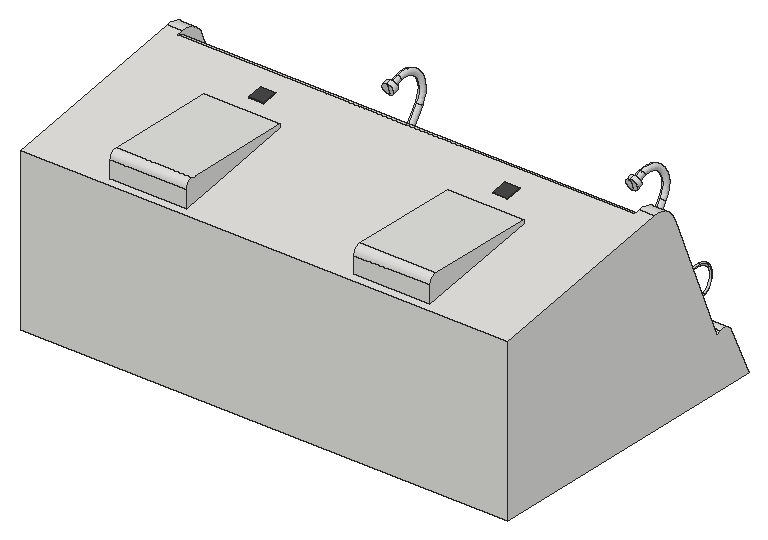
Revit family "Plumbing-Sink-Sloan-Valve-ESS-3200", category Plumbing Fixtures, host Face, Revit 2019
Family settings
  Host = Face
  Round Connector Dimension = Use Diameter
  Part Type = Normal
  OmniClass Number = 23.45.05.14.14
  OmniClass Title = Sinks/Lavatories
  Cut with Voids When Loaded = No
  Shared = No
  Room Calculation Point = No
Parameters (values of type "ESS-3200")
  z_Mixer = no
  z_C = no
  Width = 64.00"  # constant formula
  Water Flow = 2.2 GPM
  Waste Connection = yes
  WFU = 3
  Voltage = 110 V
  Vent Connection = no
  Valve Pressure Drop = 0.0 Pa
  URL = "www.sloanvalve.com"
  Sanitary Drain Connection Diameter = 1.50"
  Product data url = "https://bimobject.com/sloan_valve/product/sinks_stainless-steel_ess-3200"
  Product Material = Sloan Valve - Finish - Stainless Steel
  Product Guid = ""
  Power Factor = 0.8
  Part Number = ""
  Number of Poles = 3
  Model = "ESS-3200"
  Manufacturer = "Sloan Valve"  # constant formula
  Keynote = "10000"
  Hot Water Connection Diameter = 0.50"
  Height = 39.50"  # constant formula
  HWFU = 3
  HW Connection = yes
  z_Elevation [instance] = 25.00"  # constant formula
  Frequency = 60 Hz
  Edition number = 1
  Description = "Stainless Steel 2-Station Wall-Mounted Deluxe Scrub Sink."
  Depth = 25.31"  # constant formula
  Default Elevation = 0.00"  # constant formula
  Current = 15 A
  Cold Water Connection Diameter = 0.50"
  CWFU = 3
  CW Connection = yes
  Assembly Code = "D2010400"
  Apparent Load = (Voltage * Current) / (Power Factor * Number of Poles)  # 687.5 VA
  ADA Compliant = 1 = 1  # yes
Reference planes (in)
  plane 1 "Center (Front/Back)": y = 0
  plane 2: z = 0
  plane 3 "Center (Left/Right)": x = 0
  plane 4: x = -31
  plane 5: x = 33
  plane 6: z = 25.31
  plane 7: y = -31.25
  plane 8: y = -56.25
  plane 9: z = 5.26918
  plane 10: y = -15.24713
Forms (in)
  Extrusion 1, solid, not visible
    sketch origin (0, 1, 0) x (1, 0, 0) y (0, 1, 0)
      loop
        circle (0, -32.25) r 0.75
      loop
        circle (-6, -32.25) r 0.25
      loop
        circle (-9, -32.25) r 0.25
      loop
        line (-24.25, -30.25) -> (-24.25, -34.25) -> (-21.75, -34.25) -> (-21.75, -30.25) -> (-24.25, -30.25)
      loop
        circle (11, -32.25) r 0.25
      loop
        circle (8, -32.25) r 0.25
      loop
        line (23.75, -34.25) -> (26.25, -34.25) -> (26.25, -30.25) -> (23.75, -30.25) -> (23.75, -34.25)
    from 0 to 0.50971
Dimensions and locks (in)
  "Depth": plane 6 to plane 2
  locked: plane 7 to plane 1 "Center (Front/Back)" at 31.25
  "z_Elevation": plane 7 to plane 8
  aligned and locked: plane 2 to host face
  aligned and locked: level to host face
  aligned and locked: plane 3 "Center (Left/Right)" to nested 1
Automatic sketch dimensions
  host sketch curve to host sketch curve = 131.57161"
  host sketch curve to host sketch curve = 80.21187"
  Extrusion 1 sketch curve to Extrusion 1 sketch curve = 35.25"
  Extrusion 1 sketch curve to Extrusion 1 sketch curve = 9.00"
  Extrusion 1 sketch curve to Extrusion 1 sketch curve = 4.00"  (x2)
  Extrusion 1 sketch curve to Extrusion 1 sketch curve = 6.00"
  Extrusion 1 sketch curve to Extrusion 1 sketch curve = 2.50"  (x2)
  Extrusion 1 sketch curve to Extrusion 1 sketch curve = 45.50"
  plane 3 "Center (Left/Right)" to Extrusion 1 sketch curve = 26.25"
  plane 3 "Center (Left/Right)" to Extrusion 1 sketch curve = 8.00"
  Extrusion 1 sketch curve to Extrusion 1 sketch curve = 3.00"
  plane 1 "Center (Front/Back)" to Extrusion 1 sketch curve = 33.25"  (x2)
  Extrusion 1 sketch curve to Extrusion 1 sketch curve = 2.00"  (x2)
  Extrusion 1 sketch curve to Extrusion 1 sketch curve = 0.00"  (x3)
  radius of Extrusion 1 sketch curve = 0.75"
  radius of Extrusion 1 sketch curve = 0.25"  (x4)
Nested families (in)
  nested 1: "Geometry" at (0, -15.25, 0), type "Geometry"
Connectors (in)
  piping at (0, -31.25, 0), diameter 1.5, driven by "WFU", driven by "Sanitary Drain Connection Diameter"
    settings: on Extrusion 1, index 2, connector inside diameter 24.00", connector length 0.00", flow factor 0, pipe flow 0.0 GPM, pressure drop 0.0 Pa, fitting loss kfactor 0, connector angle 0.00°, fixture units 3, engagement length 0.00", angle of deflection 0.00°, flow configuration 3, flow direction 2, fitting loss method 0, system type 16, joint type 0, gender type 0, connector reference index -1, connector utility 0, adjustable connector no, is connector primary yes, connector description "Sanitary Drain Connection"
  piping at (-6, -31.25, 0), diameter 0.5, driven by "Cold Water Connection Diameter", driven by "Water Flow"
    settings: on Extrusion 1, index 3, connector inside diameter 24.00", connector length 0.00", flow factor 0, pipe flow 2.2 GPM, pressure drop 0.0 Pa, fitting loss kfactor 0, connector angle 0.00°, fixture units 1.5, engagement length 0.00", angle of deflection 0.00°, flow configuration 1, flow direction 1, fitting loss method 0, system type 20, joint type 0, gender type 0, connector reference index -1, connector utility 0, adjustable connector no, is connector primary no, connector description "Cold Water Connection 1"
  piping at (-9, -31.25, 0), diameter 0.5, driven by "Hot Water Connection Diameter", driven by "Water Flow"
    settings: on Extrusion 1, index 4, connector inside diameter 24.00", connector length 0.00", flow factor 0, pipe flow 2.2 GPM, pressure drop 0.0 Pa, fitting loss kfactor 0, connector angle 0.00°, fixture units 1.5, engagement length 0.00", angle of deflection 0.00°, flow configuration 1, flow direction 1, fitting loss method 0, system type 19, joint type 0, gender type 0, connector reference index -1, connector utility 0, adjustable connector no, is connector primary no, connector description "Hot Water Connection 1"
  electrical at (-23, -31.25, 0), driven by "Number of Poles", driven by "Voltage", driven by "Apparent Load", driven by "Apparent Load", driven by "Apparent Load", driven by "Power Factor"
    settings: on Extrusion 1, index 6, voltage 110 V, apparent load 0 VA, apparent load phase1 687.5 VA, apparent load phase2 687.5 VA, apparent load phase3 687.5 VA, power factor 0.8, load classification "Other", number of poles 3, system type 31, power factor state 1, is connector primary yes, connector utility no, sub classification motor no, connector description "Power Connection 1"
  piping at (8, -31.25, 0), diameter 0.5, driven by "Hot Water Connection Diameter", driven by "Water Flow"
    settings: on Extrusion 1, index 7, connector inside diameter 24.00", connector length 0.00", flow factor 0, pipe flow 2.2 GPM, pressure drop 0.0 Pa, fitting loss kfactor 0, connector angle 0.00°, fixture units 1.5, engagement length 0.00", angle of deflection 0.00°, flow configuration 1, flow direction 1, fitting loss method 0, system type 19, joint type 0, gender type 0, connector reference index -1, connector utility 0, adjustable connector no, is connector primary no, connector description "Hot Water Connection 2"
  piping at (11, -31.25, 0), diameter 0.5, driven by "Cold Water Connection Diameter", driven by "Water Flow"
    settings: on Extrusion 1, index 8, connector inside diameter 24.00", connector length 0.00", flow factor 0, pipe flow 2.2 GPM, pressure drop 0.0 Pa, fitting loss kfactor 0, connector angle 0.00°, fixture units 1.5, engagement length 0.00", angle of deflection 0.00°, flow configuration 1, flow direction 1, fitting loss method 0, system type 20, joint type 0, gender type 0, connector reference index -1, connector utility 0, adjustable connector no, is connector primary no, connector description "Cold Water Connection 2"
  electrical at (25, -31.25, 0), driven by "Number of Poles", driven by "Voltage", driven by "Apparent Load", driven by "Apparent Load", driven by "Apparent Load", driven by "Power Factor"
    settings: on Extrusion 1, index 9, voltage 110 V, apparent load 0 VA, apparent load phase1 687.5 VA, apparent load phase2 687.5 VA, apparent load phase3 687.5 VA, power factor 0.8, load classification "Other", number of poles 3, system type 31, power factor state 1, is connector primary no, connector utility no, sub classification motor no, connector description "Power Connection 2"
Definition of nested family "Geometry"
  Parameters (values of type "Geometry")
    z_NotM = not(Mixer)  # yes
    z_C = no
    URL = ""
    Symbolic Lines 2 = not(z_C)  # yes
    Symbolic Lines = z_C  # no
    Radius = if(z_C, 7.00" / 16, 3.00" / 4)  # 0.75"
    Product Material = none
    Plastic Material = none
    Model = ""
    Mixer = no
    Manufacturer = ""
    Faucet Material = none
    Description = ""
    Default Elevation = 41.00"
    Assembly Code = ""
  Reference planes (in)
    plane 1 "Center (Front/Back)": y = 0
    plane 2: z = 0
    plane 3 "Center (Left/Right)": x = 0
    plane 4: y = -41
    plane 5: y = -24.25
    plane 6: y = 15.25
    plane 7: y = -16
    plane 8: x = 16
    plane 9: y = -4.5
    plane 10: y = -22.25
    plane 11: x = 15
    plane 12: x = 14
    plane 13: x = -31
    plane 14: x = 33
    plane 15: x = -7
    plane 16: x = -10
    plane 17: x = 27
    plane 18: x = 17
    plane 19: x = -25
    plane 20: x = -15
    plane 21: through (-15, 16.76501, 16.38512) normal (0, 0.3256, -0.9455)
    plane 22: through (-15, 17.00923, 15.676) normal (0, 0.3256, -0.9455)
    plane 23: y = 16.11763
    plane 24: through (17, 16.76501, 16.38512) normal (0, 0.3256, -0.9455)
    plane 25: through (17, 17.00923, 15.676) normal (0, 0.3256, -0.9455)
    plane 26: y = 16.11763
    plane 27: z = 8.6466
    plane 28: z = 25.3125
    plane 29: z = 5.26918
    plane 30: y = -11.07068
    plane 31: x = 1
  Forms (in)
    Extrusion 1, solid
      sketch origin (0, 0, 0) x (1, 0, 0) y (0, 1, 0)
        loop
          line (-48, 48) -> (-48, -48) -> (48, -48) -> (48, 48) -> (-48, 48)
      from 0 to -12
    Extrusion 2, solid, material <- "Product Material"
      sketch origin (-31, 0, 0) x (0, 1, 0) y (0, 0, 1)
        loop
          line (-24.25, 0) -> (15.25, 0) -> (12.42821, 6.33785)
          arc (12.42821, 6.33785) -> (11.73423, 6.99641) -> (10.77785, 6.97136) r 1.25
          line (10.77785, 6.97136) -> (10.02445, 6.63593) -> (3.11923, 23.35629)
          arc (3.11923, 23.35629) -> (1.88621, 24.90802) -> (-0.0625, 25.26953) r 2.82843
          line (-0.0625, 25.26953) -> (-24.25, 21.00462) -> (-24.25, 0)
      from 0 to 32
    Extrusion 3, void
      sketch origin (-29.5, 0, 0) x (0, 1, 0) y (0, 0, 1)
        loop
          line (10.02145, 6.64319) -> (3.11923, 23.35629)
          arc (3.11923, 23.35629) -> (1.88621, 24.90802) -> (-0.0625, 25.26953) r 2.82843
          line (-0.0625, 25.26953) -> (-0.93586, 25.11553)
          arc (-0.93586, 25.11553) -> (-0.03625, 24.46827) -> (-0.42579, 23.43072) r 0.91189
          line (-0.42579, 23.43072) -> (-8.32843, 18.75694) -> (-11.8164, 10.5398) -> (-11.8164, 5.0202)
          arc (-11.8164, 5.0202) -> (-11.56939, 4.42386) -> (-10.97305, 4.17685) r 0.84335
          line (-10.97305, 4.17685) -> (4.04941, 4.17685) -> (10.02145, 6.64319)
      from 0.5 to 60.5
    Extrusion 4, solid, material <- "Product Material"
      sketch origin (-15.32716, 0, 0) x (0, 1, 0) y (0, 0, 1)
        loop
          line (-7.90497, 24.38403) -> (-22.2363, 24.38403)
          arc (-22.2363, 24.38403) -> (-22.94341, 24.09114) -> (-23.2363, 23.38403) r 1
          line (-23.2363, 23.38403) -> (-23.2363, 20.78863) -> (-7.78139, 23.50473) -> (-7.90497, 24.38403)
      from -4.67284 to 5.32716
    Extrusion 5, solid, material <- "Plastic Material"
      sketch origin (-15, -0.05317, 25.27757) x (1, 0, 0) y (0, 0.984808, 0.173648)
        loop
          line (-1, -3.5) -> (-1, -5.5) -> (1, -5.5) -> (1, -3.5) -> (-1, -3.5)
      from 0 to 0.0625
    Extrusion 6, solid, material <- "Product Material"
      sketch origin (1, 0, 0) x (0, 1, 0) y (0, 0, 1)
        loop
          line (-24.25, 0) -> (15.25, 0) -> (12.42821, 6.33785)
          arc (12.42821, 6.33785) -> (11.73423, 6.99641) -> (10.77785, 6.97136) r 1.25
          line (10.77785, 6.97136) -> (10.02445, 6.63593) -> (3.11923, 23.35629)
          arc (3.11923, 23.35629) -> (1.88621, 24.90802) -> (-0.0625, 25.26953) r 2.82843
          line (-0.0625, 25.26953) -> (-24.25, 21.00462) -> (-24.25, 0)
      from 0 to 32
    Extrusion 7, void
      sketch origin (2.5, 0, -0.75) x (0, 1, 0) y (0, 0, 1)
        loop
          line (-10.97305, 4.92685) -> (4.04941, 4.92685) -> (10.02145, 7.39319) -> (3.11923, 24.10629)
          arc (3.11923, 24.10629) -> (1.88621, 25.65802) -> (-0.0625, 26.01953) r 2.82843
          line (-0.0625, 26.01953) -> (-0.93586, 25.86553)
          arc (-0.93586, 25.86553) -> (-0.03625, 25.21827) -> (-0.42579, 24.18072) r 0.91189
          line (-0.42579, 24.18072) -> (-8.32843, 19.50694) -> (-11.8164, 11.2898) -> (-11.8164, 5.7702)
          arc (-11.8164, 5.7702) -> (-11.56939, 5.17386) -> (-10.97305, 4.92685) r 0.84335
      from -3.5 to 28.5
    Extrusion 8, solid, material <- "Product Material"
      sketch origin (16.67284, 0, 0) x (0, 1, 0) y (0, 0, 1)
        loop
          line (-7.90497, 24.38403) -> (-22.2363, 24.38403)
          arc (-22.2363, 24.38403) -> (-22.94341, 24.09114) -> (-23.2363, 23.38403) r 1
          line (-23.2363, 23.38403) -> (-23.2363, 20.78863) -> (-7.78139, 23.50473) -> (-7.90497, 24.38403)
      from -4.67284 to 5.32716
    Extrusion 9, solid, material <- "Plastic Material"
      sketch origin (17, -0.05317, 25.27757) x (1, 0, 0) y (0, 0.984808, 0.173648)
        loop
          line (-1, -3.5) -> (-1, -5.5) -> (1, -5.5) -> (1, -3.5) -> (-1, -3.5)
      from 0 to 0.0625
    Extrusion 10, solid, material <- "Product Material"
      sketch origin (0, 0, 0) x (1, 0, 0) y (0, 1, 0)
        loop
          circle (0, -16) r 0.75
        loop
          circle (-6, -16) r 0.25
        loop
          circle (-9, -16) r 0.25
        loop
          circle (8, -16) r 0.25
        loop
          circle (11, -16) r 0.25
        loop
          line (-24.25, -14) -> (-24.25, -18) -> (-21.75, -18) -> (-21.75, -14) -> (-24.25, -14)
        loop
          line (26.25, -14) -> (23.75, -14) -> (23.75, -18) -> (26.25, -18) -> (26.25, -14)
      from 0 to 0.0625
    Sweep 11, solid, material <- "Faucet Material"
      path origin (17, 13.7656, 3.33402) x (0, 0.913545, 0.406737) y (0, 0.406737, -0.913545)
        loop
          line (0, -2) -> (4.2271, -2)
          arc (4.2271, -2) -> (5.30648, -2.1517) -> (6.30224, -2.59504) r 3.91597
          line (6.30224, -2.59504) -> (10.41671, -5.16605)
          arc (10.41671, -5.16605) -> (11.72574, -8.36585) -> (9.10659, -10.62246) r 2.95861
          line (9.10659, -10.62246) -> (8.04952, -10.71488)
      profile origin (17, 14.88295, 6.02077) x (0, 0.406737, -0.913545) y (-1, 0, 0)
        loop
          circle (0, 0) r 0.375
    Revolve 12, solid, material <- "Faucet Material"
      sketch origin (17, 13.7656, 3.33402) x (0, 0.913545, 0.406737) y (0, 0.406737, -0.913545)
        loop
          line (0, -2) -> (1.5, -2) -> (1.5, -1.5) -> (1.46812, -1.46812) -> (0.71812, -1.46812) -> (0.25, -0.75) -> (0, -0.75) -> (0, -2)
        axis (1.5, -2) -> (0, -2)
      angle from 0 to 360
    Sweep 13, solid, material <- "Faucet Material"
      path origin (11, 0.1652, -0.34987) x (0, 0.999848, 0.017452) y (0, -0.017452, 0.999848)
        loop
          line (12.62902, 11.03979) -> (14.59777, 11.03979)
          arc (14.59777, 11.03979) -> (16.55762, 9.43852) -> (15.37924, 7.19878) r 2
          line (15.37924, 7.19878) -> (12.80505, 6.1061)
      profile origin (11, 13.58386, 10.92582) x (0, -0.017452, 0.999848) y (1, 0, 0)
        loop
          circle (0, 16) r 0.125
    Revolve 14, solid, material <- "Faucet Material"
      sketch origin (27, 0.05669, -0.12732) x (0, 1, 0) y (0, 0, 1)
        loop
          line (12.57489, 6.0084) -> (12.77826, 5.55163) -> (13.00664, 5.65331) -> (12.80327, 6.11009) -> (12.57489, 6.0084)
        axis (12.80327, 6.11009) -> (12.57489, 6.0084)
      angle from 0 to 360
    Sweep 15, solid, material <- "Faucet Material"
      path origin (-15, 13.7656, 3.33402) x (0, 0.913545, 0.406737) y (0, -0.406737, 0.913545)
        loop
          line (0, 2) -> (4.2271, 2)
          arc (4.2271, 2) -> (5.30648, 2.1517) -> (6.30224, 2.59504) r 3.91597
          line (6.30224, 2.59504) -> (10.41671, 5.16605)
          arc (10.41671, 5.16605) -> (11.72574, 8.36585) -> (9.10659, 10.62246) r 2.95861
          line (9.10659, 10.62246) -> (8.04952, 10.71488)
      profile origin (-15, 14.88295, 6.02077) x (0, -0.406737, 0.913545) y (1, 0, 0)
        loop
          circle (0, 0) r 0.375
    Revolve 16, solid, material <- "Faucet Material"
      sketch origin (-15, 13.7656, 3.33402) x (0, 0.913545, 0.406737) y (0, -0.406737, 0.913545)
        loop
          line (0, 2) -> (0, 0.75) -> (0.25, 0.75) -> (0.71812, 1.46812) -> (1.46812, 1.46812) -> (1.5, 1.5) -> (1.5, 2) -> (0, 2)
        axis (1.5, 2) -> (0, 2)
      angle from 0 to 360
    Revolve 17, solid, material <- "Faucet Material"
      sketch origin (-14.99932, 11.83217, 5.62815) x (0, 0.913545, 0.406737) y (0, -0.406737, 0.913545)
        loop
          line (8.81631, 7.07347) -> (8.88163, 7.82062) -> (8.19954, 7.88026) -> (8.13421, 7.13311) -> (8.81631, 7.07347)
        axis (8.88163, 7.82062) -> (8.19954, 7.88026)
      angle from 0 to 360
    Sweep 18, solid, material <- "Faucet Material"
      path origin (-41, 0.1652, -0.34987) x (0, 0.999848, 0.017452) y (0, -0.017452, 0.999848)
        loop
          line (12.62902, 11.03979) -> (14.59777, 11.03979)
          arc (14.59777, 11.03979) -> (16.55762, 9.43852) -> (15.37924, 7.19878) r 2
          line (15.37924, 7.19878) -> (12.80505, 6.1061)
      profile origin (-41, 13.58386, 10.92582) x (0, -0.017452, 0.999848) y (1, 0, 0)
        loop
          circle (0, 16) r 0.125
    Revolve 19, solid, material <- "Faucet Material"
      sketch origin (-25, 0.05669, -0.12732) x (0, 1, 0) y (0, 0, 1)
        loop
          line (12.57489, 6.0084) -> (12.77826, 5.55163) -> (13.00664, 5.65331) -> (12.80327, 6.11009) -> (12.57489, 6.0084)
        axis (12.80327, 6.11009) -> (12.57489, 6.0084)
      angle from 0 to 360
    Revolve 20, solid, material <- "Faucet Material"
      sketch origin (17.00068, 11.83217, 5.62815) x (0, 0.913545, 0.406737) y (0, -0.406737, 0.913545)
        loop
          line (8.81631, 7.07347) -> (8.88163, 7.82062) -> (8.19954, 7.88026) -> (8.13421, 7.13311) -> (8.81631, 7.07347)
        axis (8.88163, 7.82062) -> (8.19954, 7.88026)
      angle from 0 to 360
    Revolve 21, solid, material <- "Product Material"
      sketch origin (0, -11.82068, 8.6466) x (1, 0, 0) y (0, 1, 0)
        loop
          line (0, 0.6875) -> (0.21984, 0.6875) -> (0.64944, 0) -> (0.75, 0) -> (0.75, 0.03911) -> (0.6987, 0.03911) -> (0.25449, 0.75) -> (0, 0.75) -> (0, 0.6875)
        axis (0, 0.75) -> (0, 0)
      angle from 0 to 360
    Extrusion 22, void
      sketch origin (0, -11.82068, 8.6466) x (1, 0, 0) y (0, 0, -1)
        loop
          arc (-0.15734, 0) -> (-0.156, -0.02054) -> (-0.15198, -0.04072) r 0.15734
          line (-0.15198, -0.04072) -> (-0.06143, -0.01646)
          arc (-0.06143, -0.01646) -> (-0.06359, 0) -> (-0.06143, 0.01646) r 0.06359
          line (-0.06143, 0.01646) -> (-0.15198, 0.04072)
          arc (-0.15198, 0.04072) -> (-0.156, 0.02054) -> (-0.15734, 0) r 0.15734
        loop
          arc (0.15734, 0) -> (0.156, 0.02054) -> (0.15198, 0.04072) r 0.15734
          line (0.15198, 0.04072) -> (0.06143, 0.01646)
          arc (0.06143, 0.01646) -> (0.06359, 0) -> (0.06143, -0.01646) r 0.06359
          line (0.06143, -0.01646) -> (0.15198, -0.04072)
          arc (0.15198, -0.04072) -> (0.156, -0.02054) -> (0.15734, 0) r 0.15734
        loop
          arc (-0.01646, 0.06143) -> (0, 0.06359) -> (0.01646, 0.06143) r 0.06359
          line (0.01646, 0.06143) -> (0.04072, 0.15198)
          arc (0.04072, 0.15198) -> (0, 0.15734) -> (-0.04072, 0.15198) r 0.15734
          line (-0.04072, 0.15198) -> (-0.01646, 0.06143)
        loop
          line (-0.01646, -0.06143) -> (-0.04072, -0.15198)
          arc (-0.04072, -0.15198) -> (0, -0.15734) -> (0.04072, -0.15198) r 0.15734
          line (0.04072, -0.15198) -> (0.01646, -0.06143)
          arc (0.01646, -0.06143) -> (0, -0.06359) -> (-0.01646, -0.06143) r 0.06359
        loop
          circle (0, 0) r 0.03234
      from 0.6875 to 0.75
    Extrusion 23, void
      sketch origin (0, -11.82068, 8.6466) x (1, 0, 0) y (0, 0, -1)
        loop
          arc (-0.04419, 0.25062) -> (0, 0.25449) -> (0.04419, 0.25062) r 0.25449
          line (0.04419, 0.25062) -> (0.11277, 0.63957)
          arc (0.11277, 0.63957) -> (0, 0.64944) -> (-0.11277, 0.63957) r 0.64944
          line (-0.11277, 0.63957) -> (-0.04419, 0.25062)
        loop
          arc (0.14597, 0.20846) -> (0.17995, 0.17995) -> (0.20846, 0.14597) r 0.25449
          line (0.20846, 0.14597) -> (0.53199, 0.3725)
          arc (0.53199, 0.3725) -> (0.45922, 0.45922) -> (0.3725, 0.53199) r 0.64944
          line (0.3725, 0.53199) -> (0.14597, 0.20846)
        loop
          line (-0.25062, 0.04419) -> (-0.63957, 0.11277)
          arc (-0.63957, 0.11277) -> (-0.64944, 0) -> (-0.63957, -0.11277) r 0.64944
          line (-0.63957, -0.11277) -> (-0.25062, -0.04419)
          arc (-0.25062, -0.04419) -> (-0.25449, 0) -> (-0.25062, 0.04419) r 0.25449
        loop
          arc (0.25062, 0.04419) -> (0.25449, 0) -> (0.25062, -0.04419) r 0.25449
          line (0.25062, -0.04419) -> (0.63957, -0.11277)
          arc (0.63957, -0.11277) -> (0.64944, 0) -> (0.63957, 0.11277) r 0.64944
          line (0.63957, 0.11277) -> (0.25062, 0.04419)
        loop
          line (-0.14597, 0.20846) -> (-0.3725, 0.53199)
          arc (-0.3725, 0.53199) -> (-0.45922, 0.45922) -> (-0.53199, 0.3725) r 0.64944
          line (-0.53199, 0.3725) -> (-0.20846, 0.14597)
          arc (-0.20846, 0.14597) -> (-0.17995, 0.17995) -> (-0.14597, 0.20846) r 0.25449
        loop
          line (-0.04419, -0.25062) -> (-0.11277, -0.63957)
          arc (-0.11277, -0.63957) -> (0, -0.64944) -> (0.11277, -0.63957) r 0.64944
          line (0.11277, -0.63957) -> (0.04419, -0.25062)
          arc (0.04419, -0.25062) -> (0, -0.25449) -> (-0.04419, -0.25062) r 0.25449
        loop
          line (0.14597, -0.20846) -> (0.3725, -0.53199)
          arc (0.3725, -0.53199) -> (0.45922, -0.45922) -> (0.53199, -0.3725) r 0.64944
          line (0.53199, -0.3725) -> (0.20846, -0.14597)
          arc (0.20846, -0.14597) -> (0.17995, -0.17995) -> (0.14597, -0.20846) r 0.25449
        loop
          arc (-0.14597, -0.20846) -> (-0.17995, -0.17995) -> (-0.20846, -0.14597) r 0.25449
          line (-0.20846, -0.14597) -> (-0.53199, -0.3725)
          arc (-0.53199, -0.3725) -> (-0.45922, -0.45922) -> (-0.3725, -0.53199) r 0.64944
          line (-0.3725, -0.53199) -> (-0.14597, -0.20846)
      from 0 to 0.6875
  Cuts and joins
    Extrusion 7 cuts Extrusion 5
    Extrusion 3, Extrusion 7 cuts Extrusion 2
    Extrusion 7 cuts Extrusion 4
    Extrusion 7 cuts Extrusion 6
    Extrusion 7 cuts Extrusion 8
    joined: Extrusion 2, Extrusion 4, Extrusion 6, Extrusion 8
    Extrusion 7 cuts Extrusion 9
    Extrusion 22, Extrusion 23 cuts Revolve 21
  Lines and regions (in)
    Masking region 1
      outline origin (0, 0, 0) x (1, 0, 0) y (0, 0, 1)
        loop
          line (33, 0) -> (33, 25.3125) -> (31, 25.3125) -> (31, 25.11593) -> (-29, 25.11593) -> (-29, 25.3125) -> (-31, 25.3125) -> (-31, 0) -> (33, 0)
    symbolic lines, detail levels medium+fine
      curve 1: line (31, 0, 25.11593) -> (31, 0, 6.7534)
      curve 2: line (31, 0, 6.7534) -> (27.125, 0, 6.7534)
      curve 3: line (-29, 0, 6.7534) -> (-29, 0, 25.11553)
      curve 4: line (31, 0, 23.43072) -> (-29, 0, 23.43072)
      curve 7: arc (16.625, 0, 6.46161) -> (17, 0, 4.01918) -> (17.375, 0, 6.46161) r 1.25
      curve 8: line (17.375, 0, 5.70666) -> (17.375, 0, 16.89471)
      curve 9: arc (17.375, 0, 5.70666) -> (16.97388, 0, 5.3955) -> (16.63025, 0, 5.76918) r 0.375
      curve 10: line (16.625, 0, 16.89471) -> (16.625, 0, 5.76918)
      curve 13: arc (17.375, 0, 16.89471) -> (17, 0, 17.26971) -> (16.625, 0, 16.89471) r 0.375
      curve 14: spline (26.875, 0, 6.42503) -> (26.66502, 0, 6.32187) -> (26.5312, 0, 6.1416) -> (26.50399, 0, 5.92521) -> (26.58955, 0, 5.72191) -> (26.76845, 0, 5.57792) -> (27, 0, 5.52599) -> (27.23155, 0, 5.57792) -> (27.41045, 0, 5.72191) -> (27.49601, 0, 5.92521) -> (27.4688, 0, 6.1416) -> (27.33498, 0, 6.32187) -> (27.125, 0, 6.42503)
      curve 15: spline (27.125, 0, 5.97878) -> (27.12074, 0, 5.94922) -> (27.10825, 0, 5.92168) -> (27.08839, 0, 5.89803) -> (27.0625, 0, 5.87988) -> (27.03235, 0, 5.86848) -> (27, 0, 5.86458) -> (26.96765, 0, 5.86848) -> (26.9375, 0, 5.87988) -> (26.91161, 0, 5.89803) -> (26.89175, 0, 5.92168) -> (26.87926, 0, 5.94922) -> (26.875, 0, 5.97878)
      curve 16: spline (27.125, 0, 10.90864) -> (27.12074, 0, 10.94099) -> (27.10825, 0, 10.97113) -> (27.08839, 0, 10.99702) -> (27.0625, 0, 11.01688) -> (27.03235, 0, 11.02936) -> (27, 0, 11.03362) -> (26.96765, 0, 11.02936) -> (26.9375, 0, 11.01688) -> (26.91161, 0, 10.99702) -> (26.89175, 0, 10.97113) -> (26.87926, 0, 10.94099) -> (26.875, 0, 10.90864)
      curve 17: line (27.125, 0, 5.97878) -> (27.125, 0, 10.90864)
      curve 18: line (26.875, 0, 10.90864) -> (26.875, 0, 5.97878)
      curve 20: arc (-15.375, 0, 6.46161) -> (-15, 0, 4.01918) -> (-14.625, 0, 6.46161) r 1.25
      curve 21: line (-14.625, 0, 5.70666) -> (-14.625, 0, 16.89471)
      curve 22: arc (-14.625, 0, 5.70666) -> (-15.02612, 0, 5.3955) -> (-15.36975, 0, 5.76918) r 0.375
      curve 23: line (-15.375, 0, 16.89471) -> (-15.375, 0, 5.76918)
      curve 26: arc (-14.625, 0, 16.89471) -> (-15, 0, 17.26971) -> (-15.375, 0, 16.89471) r 0.375
      curve 28: spline (-25.125, 0, 6.42503) -> (-25.33498, 0, 6.32187) -> (-25.4688, 0, 6.1416) -> (-25.49601, 0, 5.92521) -> (-25.41045, 0, 5.72191) -> (-25.23155, 0, 5.57792) -> (-25, 0, 5.52599) -> (-24.76845, 0, 5.57792) -> (-24.58955, 0, 5.72191) -> (-24.50399, 0, 5.92521) -> (-24.5312, 0, 6.1416) -> (-24.66502, 0, 6.32187) -> (-24.875, 0, 6.42503)
      curve 29: spline (-24.875, 0, 5.97878) -> (-24.87926, 0, 5.94922) -> (-24.89175, 0, 5.92168) -> (-24.91161, 0, 5.89803) -> (-24.9375, 0, 5.87988) -> (-24.96765, 0, 5.86848) -> (-25, 0, 5.86458) -> (-25.03235, 0, 5.86848) -> (-25.0625, 0, 5.87988) -> (-25.08839, 0, 5.89803) -> (-25.10825, 0, 5.92168) -> (-25.12074, 0, 5.94922) -> (-25.125, 0, 5.97878)
      curve 30: spline (-24.875, 0, 10.90864) -> (-24.87926, 0, 10.94099) -> (-24.89175, 0, 10.97113) -> (-24.91161, 0, 10.99702) -> (-24.9375, 0, 11.01688) -> (-24.96765, 0, 11.02936) -> (-25, 0, 11.03362) -> (-25.03235, 0, 11.02936) -> (-25.0625, 0, 11.01688) -> (-25.08839, 0, 10.99702) -> (-25.10825, 0, 10.97113) -> (-25.12074, 0, 10.94099) -> (-25.125, 0, 10.90864)
      curve 31: line (-24.875, 0, 5.97878) -> (-24.875, 0, 10.90864)
      curve 32: line (-25.125, 0, 10.90864) -> (-25.125, 0, 5.97878)
      curve 33: line (17.375, 0, 6.7534) -> (26.875, 0, 6.7534)
      curve 35: line (-29, 0, 6.7534) -> (-25.125, 0, 6.7534)
      curve 37: line (-15.375, 0, 6.7534) -> (-24.875, 0, 6.7534)
      curve 39: line (16.625, 0, 6.7534) -> (-14.625, 0, 6.7534)
    symbolic lines, detail levels fine
      curve 5: line (31, 0, 10.5398) -> (27.125, 0, 10.5398)
      curve 6: line (31, 0, 19.01047) -> (-29, 0, 19.01047)
      curve 19: arc (17.375, 0, 6.03661) -> (17, 0, 4.95081) -> (16.625, 0, 6.03661) r 0.60765
      curve 27: arc (-14.625, 0, 6.03661) -> (-15, 0, 4.95081) -> (-15.375, 0, 6.03661) r 0.60765
      curve 34: line (17.375, 0, 10.5398) -> (26.875, 0, 10.5398)
      curve 36: line (-29, 0, 10.5398) -> (-25.125, 0, 10.5398)
      curve 38: line (-15.375, 0, 10.5398) -> (-24.875, 0, 10.5398)
      curve 40: line (16.625, 0, 10.5398) -> (-14.625, 0, 10.5398)
      curve 41: circle (0, 0, 8.6466) r 0.75 normal (0, -1, 0)
    symbolic lines, visible <- "Symbolic Lines", detail levels medium+fine
      curve 11: spline (16.625, 0, 16.67022) -> (16.5703, 0, 16.81278) -> (16.56829, 0, 16.96538) -> (16.61921, 0, 17.10932) -> (16.71683, 0, 17.22694) -> (16.84917, 0, 17.30383) -> (17, 0, 17.33055) -> (17.15083, 0, 17.30383) -> (17.28317, 0, 17.22694) -> (17.38079, 0, 17.10932) -> (17.43171, 0, 16.96538) -> (17.4297, 0, 16.81278) -> (17.375, 0, 16.67022)
      curve 24: spline (-15.375, 0, 16.67022) -> (-15.4297, 0, 16.81278) -> (-15.43171, 0, 16.96538) -> (-15.38079, 0, 17.10932) -> (-15.28317, 0, 17.22694) -> (-15.15083, 0, 17.30383) -> (-15, 0, 17.33055) -> (-14.84917, 0, 17.30383) -> (-14.71683, 0, 17.22694) -> (-14.61921, 0, 17.10932) -> (-14.56829, 0, 16.96538) -> (-14.5703, 0, 16.81278) -> (-14.625, 0, 16.67022)
    symbolic lines, visible <- "Symbolic Lines 2", detail levels medium+fine
      curve 12: spline (16.625, 0, 16.22949) -> (16.38564, 0, 16.44854) -> (16.26139, 0, 16.7481) -> (16.27556, 0, 17.07203) -> (16.42547, 0, 17.35964) -> (16.68304, 0, 17.55702) -> (17, 0, 17.6272) -> (17.31696, 0, 17.55702) -> (17.57453, 0, 17.35964) -> (17.72444, 0, 17.07203) -> (17.73861, 0, 16.7481) -> (17.61436, 0, 16.44854) -> (17.375, 0, 16.22949)
      curve 25: spline (-15.375, 0, 16.22949) -> (-15.61436, 0, 16.44854) -> (-15.73861, 0, 16.7481) -> (-15.72444, 0, 17.07203) -> (-15.57453, 0, 17.35964) -> (-15.31696, 0, 17.55702) -> (-15, 0, 17.6272) -> (-14.68304, 0, 17.55702) -> (-14.42547, 0, 17.35964) -> (-14.27556, 0, 17.07203) -> (-14.26139, 0, 16.7481) -> (-14.38564, 0, 16.44854) -> (-14.625, 0, 16.22949)
    symbolic lines, visible <- "Mixer", detail levels medium+fine
      curve 42: spline (8.53938, 0, 6.1503) -> (8.75263, 0, 6.08686) -> (8.94462, 0, 5.98096) -> (9.10539, 0, 5.83811) -> (9.22658, 0, 5.66571) -> (9.30191, 0, 5.47273) -> (9.32746, 0, 5.26918) -> (9.30191, 0, 5.06563) -> (9.22658, 0, 4.87265) -> (9.10539, 0, 4.70026) -> (8.94462, 0, 4.55741) -> (8.75263, 0, 4.45151) -> (8.53938, 0, 4.38806)
      curve 43: line (7.24953, 0, 6.38996) -> (8.53938, 0, 6.1503)
      curve 44: line (5.46062, 0, 6.1503) -> (6.75047, 0, 6.38996)
      curve 45: spline (5.46062, 0, 4.38806) -> (5.24737, 0, 4.45151) -> (5.05538, 0, 4.55741) -> (4.89461, 0, 4.70026) -> (4.77342, 0, 4.87265) -> (4.69809, 0, 5.06563) -> (4.67254, 0, 5.26918) -> (4.69809, 0, 5.47273) -> (4.77342, 0, 5.66571) -> (4.89461, 0, 5.83811) -> (5.05538, 0, 5.98096) -> (5.24737, 0, 6.08686) -> (5.46062, 0, 6.1503)
      curve 46: line (6.72265, 0, 4.15357) -> (5.46062, 0, 4.38806)
      curve 47: spline (8.25197, 0, 5.26918) -> (8.20931, 0, 5.5652) -> (8.08424, 0, 5.84105) -> (7.88528, 0, 6.07792) -> (7.62598, 0, 6.25968) -> (7.32403, 0, 6.37394) -> (7, 0, 6.41291) -> (6.67597, 0, 6.37394) -> (6.37402, 0, 6.25968) -> (6.11472, 0, 6.07792) -> (5.91576, 0, 5.84105) -> (5.79069, 0, 5.5652) -> (5.74803, 0, 5.26918)
      curve 48: spline (5.74803, 0, 5.26918) -> (5.75592, 0, 5.14103) -> (5.77947, 0, 5.01449) -> (5.81839, 0, 4.89116) -> (5.8722, 0, 4.77259) -> (5.9402, 0, 4.66028) -> (6.02156, 0, 4.55563) -> (6.11524, 0, 4.45997) -> (6.22006, 0, 4.3745) -> (6.33471, 0, 4.3003) -> (6.45773, 0, 4.2383) -> (6.58758, 0, 4.18929) -> (6.72263, 0, 4.15387)
      curve 49: spline (7.48859, 0, 5.68401) -> (7.4451, 0, 5.56393) -> (7.4062, 0, 5.44254) -> (7.37193, 0, 5.31999) -> (7.34234, 0, 5.19643) -> (7.31746, 0, 5.072) -> (7.29733, 0, 4.94686) -> (7.28196, 0, 4.82116) -> (7.27137, 0, 4.69505) -> (7.26559, 0, 4.56868) -> (7.2646, 0, 4.4422) -> (7.26843, 0, 4.31576) -> (7.27705, 0, 4.18953)
      curve 50: spline (6.51141, 0, 5.68401) -> (6.52806, 0, 5.7998) -> (6.57687, 0, 5.9077) -> (6.65451, 0, 6.00036) -> (6.7557, 0, 6.07146) -> (6.87354, 0, 6.11615) -> (7, 0, 6.13139) -> (7.12646, 0, 6.11615) -> (7.2443, 0, 6.07146) -> (7.34549, 0, 6.00036) -> (7.42313, 0, 5.9077) -> (7.47194, 0, 5.7998) -> (7.48859, 0, 5.68401)
      curve 51: spline (6.72295, 0, 4.18953) -> (6.73157, 0, 4.31576) -> (6.7354, 0, 4.4422) -> (6.73441, 0, 4.56868) -> (6.72863, 0, 4.69505) -> (6.71804, 0, 4.82116) -> (6.70267, 0, 4.94686) -> (6.68254, 0, 5.072) -> (6.65766, 0, 5.19643) -> (6.62807, 0, 5.31999) -> (6.5938, 0, 5.44254) -> (6.5549, 0, 5.56393) -> (6.51141, 0, 5.68401)
      curve 52: spline (6.72295, 0, 4.18953) -> (6.7274, 0, 4.12063) -> (6.75233, 0, 4.05542) -> (6.79587, 0, 3.99879) -> (6.85475, 0, 3.95499) -> (6.92454, 0, 3.92733) -> (7, 0, 3.91787) -> (7.07546, 0, 3.92733) -> (7.14525, 0, 3.95499) -> (7.20413, 0, 3.99879) -> (7.24767, 0, 4.05542) -> (7.2726, 0, 4.12063) -> (7.27705, 0, 4.18953)
      curve 53: spline (7.27737, 0, 4.15387) -> (7.41242, 0, 4.18929) -> (7.54227, 0, 4.2383) -> (7.66529, 0, 4.3003) -> (7.77994, 0, 4.3745) -> (7.88476, 0, 4.45997) -> (7.97844, 0, 4.55563) -> (8.0598, 0, 4.66028) -> (8.1278, 0, 4.77259) -> (8.18161, 0, 4.89116) -> (8.22053, 0, 5.01449) -> (8.24408, 0, 5.14103) -> (8.25197, 0, 5.26918)
      curve 55: line (7.27735, 0, 4.15357) -> (8.53938, 0, 4.38806)
      curve 56: spline (-3.46062, 0, 6.1503) -> (-3.24737, 0, 6.08686) -> (-3.05538, 0, 5.98096) -> (-2.89461, 0, 5.8381) -> (-2.77342, 0, 5.66571) -> (-2.69809, 0, 5.47273) -> (-2.67254, 0, 5.26918) -> (-2.69809, 0, 5.06563) -> (-2.77342, 0, 4.87265) -> (-2.89461, 0, 4.70026) -> (-3.05538, 0, 4.55741) -> (-3.24737, 0, 4.45151) -> (-3.46062, 0, 4.38806)
      curve 57: line (-4.75047, 0, 6.38996) -> (-3.46062, 0, 6.1503)
      curve 58: line (-6.53938, 0, 6.1503) -> (-5.24953, 0, 6.38996)
      curve 59: spline (-6.53938, 0, 4.38806) -> (-6.75263, 0, 4.45151) -> (-6.94462, 0, 4.55741) -> (-7.10539, 0, 4.70026) -> (-7.22658, 0, 4.87265) -> (-7.30191, 0, 5.06563) -> (-7.32746, 0, 5.26918) -> (-7.30191, 0, 5.47273) -> (-7.22658, 0, 5.66571) -> (-7.10539, 0, 5.83811) -> (-6.94462, 0, 5.98096) -> (-6.75263, 0, 6.08686) -> (-6.53938, 0, 6.1503)
      curve 60: line (-5.27735, 0, 4.15357) -> (-6.53938, 0, 4.38806)
      curve 61: spline (-4.72263, 0, 4.15387) -> (-4.29569, 0, 4.3236) -> (-3.96616, 0, 4.62411) -> (-3.77963, 0, 5.01384) -> (-3.76189, 0, 5.43889) -> (-3.9154, 0, 5.84047) -> (-4.21892, 0, 6.16303) -> (-4.63048, 0, 6.36196) -> (-5.09314, 0, 6.40974) -> (-5.54293, 0, 6.29977) -> (-5.91762, 0, 6.04726) -> (-6.16539, 0, 5.68712) -> (-6.25197, 0, 5.26918)
      curve 62: spline (-6.25197, 0, 5.26918) -> (-6.24408, 0, 5.14103) -> (-6.22053, 0, 5.01449) -> (-6.18161, 0, 4.89116) -> (-6.1278, 0, 4.77259) -> (-6.0598, 0, 4.66028) -> (-5.97844, 0, 4.55563) -> (-5.88476, 0, 4.45997) -> (-5.77994, 0, 4.3745) -> (-5.66529, 0, 4.3003) -> (-5.54227, 0, 4.2383) -> (-5.41242, 0, 4.18929) -> (-5.27737, 0, 4.15387)
      curve 63: spline (-4.51141, 0, 5.68401) -> (-4.5549, 0, 5.56393) -> (-4.5938, 0, 5.44254) -> (-4.62807, 0, 5.31999) -> (-4.65766, 0, 5.19643) -> (-4.68254, 0, 5.072) -> (-4.70267, 0, 4.94686) -> (-4.71804, 0, 4.82116) -> (-4.72863, 0, 4.69505) -> (-4.73441, 0, 4.56868) -> (-4.7354, 0, 4.4422) -> (-4.73157, 0, 4.31576) -> (-4.72295, 0, 4.18953)
      curve 64: spline (-5.48859, 0, 5.68401) -> (-5.47194, 0, 5.7998) -> (-5.42313, 0, 5.9077) -> (-5.34549, 0, 6.00036) -> (-5.2443, 0, 6.07146) -> (-5.12646, 0, 6.11615) -> (-5, 0, 6.13139) -> (-4.87354, 0, 6.11615) -> (-4.7557, 0, 6.07146) -> (-4.65451, 0, 6.00036) -> (-4.57687, 0, 5.9077) -> (-4.52806, 0, 5.7998) -> (-4.51141, 0, 5.68401)
      curve 65: spline (-5.27705, 0, 4.18953) -> (-5.26843, 0, 4.31576) -> (-5.2646, 0, 4.4422) -> (-5.26559, 0, 4.56868) -> (-5.27137, 0, 4.69505) -> (-5.28196, 0, 4.82116) -> (-5.29733, 0, 4.94686) -> (-5.31746, 0, 5.072) -> (-5.34234, 0, 5.19643) -> (-5.37193, 0, 5.31999) -> (-5.4062, 0, 5.44254) -> (-5.4451, 0, 5.56393) -> (-5.48859, 0, 5.68401)
      curve 66: spline (-5.27705, 0, 4.18953) -> (-5.2726, 0, 4.12063) -> (-5.24767, 0, 4.05542) -> (-5.20413, 0, 3.99879) -> (-5.14525, 0, 3.95499) -> (-5.07546, 0, 3.92733) -> (-5, 0, 3.91787) -> (-4.92454, 0, 3.92733) -> (-4.85475, 0, 3.95499) -> (-4.79587, 0, 3.99879) -> (-4.75233, 0, 4.05542) -> (-4.7274, 0, 4.12063) -> (-4.72295, 0, 4.18953)
      curve 67: spline (-4.72263, 0, 4.15387) -> (-4.18415, 0, 4.40165) -> (-3.83488, 0, 4.85063) -> (-3.75583, 0, 5.39668) -> (-3.96534, 0, 5.91317) -> (-4.41481, 0, 6.2803) -> (-5, 0, 6.41293) -> (-5.58519, 0, 6.2803) -> (-6.03466, 0, 5.91317) -> (-6.24417, 0, 5.39668) -> (-6.16512, 0, 4.85063) -> (-5.81585, 0, 4.40165) -> (-5.27737, 0, 4.15387)
      curve 69: line (-4.72265, 0, 4.15357) -> (-3.46062, 0, 4.38806)
    symbolic lines, visible <- "Mixer", detail levels fine
      curve 54: spline (6.73542, 0, 4.51445) -> (6.30488, 0, 4.72916) -> (6.03167, 0, 5.10132) -> (5.97762, 0, 5.54669) -> (6.15496, 0, 5.96449) -> (6.52357, 0, 6.26014) -> (7, 0, 6.36673) -> (7.47643, 0, 6.26014) -> (7.84504, 0, 5.96449) -> (8.02238, 0, 5.54669) -> (7.96833, 0, 5.10132) -> (7.69512, 0, 4.72916) -> (7.26458, 0, 4.51445)
      curve 68: spline (-5.26458, 0, 4.51445) -> (-5.69512, 0, 4.72916) -> (-5.96833, 0, 5.10132) -> (-6.02238, 0, 5.54669) -> (-5.84504, 0, 5.96449) -> (-5.47643, 0, 6.26014) -> (-5, 0, 6.36673) -> (-4.52357, 0, 6.26014) -> (-4.15496, 0, 5.96449) -> (-3.97762, 0, 5.54669) -> (-4.03167, 0, 5.10132) -> (-4.30488, 0, 4.72916) -> (-4.73542, 0, 4.51445)
    symbolic lines, visible <- "z_NotM", detail levels fine
      curve 70: circle (-5, 0, 5.26918) r 0.5 normal (0, -1, 0)
      curve 71: circle (7, 0, 5.26918) r 0.5 normal (0, -1, 0)
  Dimensions and locks (in)
    plane 9 to plane 4 = 36.50"
    plane 1 "Center (Front/Back)" to plane 9 = 4.50"
    plane 13 to plane 14 = 64.00"
    plane 7 to plane 10 to plane 5 = 6.25", 2.00"
    plane 7 to plane 4 = 25.00"
    locked: Revolve 17 sketch curve to Revolve 17 sketch curve at 0.6847
    "Radius": plane 21 to plane 22
    locked: Revolve 20 sketch curve to Revolve 20 sketch curve at 0.6847
    "Radius": plane 24 to plane 25
    plane 28 to plane 2 = 25.3125"
    locked: Extrusion 10 sketch curve to Extrusion 10 sketch curve at 2.5
    Extrusion 10 sketch curve to plane 14 = 6.75"
    aligned and locked: plane 2 to Extrusion 1
    aligned and locked: level to Extrusion 1
    aligned and locked: Revolve 17 sketch curve to plane 21
    aligned and locked: Revolve 17 sketch curve to plane 22
    aligned and locked: plane 23 to Revolve 17 sketch curve
    aligned and locked: Revolve 20 sketch curve to plane 24
    aligned and locked: Revolve 20 sketch curve to plane 25
    aligned and locked: plane 26 to Revolve 20 sketch curve
  Automatic sketch dimensions
    Extrusion 1 sketch curve to Extrusion 1 sketch curve = 96.00"  (x2)
    Extrusion 2 sketch curve to level = 0.00"
    Extrusion 2 sketch curve to plane 5 = 0.00"
    Extrusion 2 sketch curve to plane 6 = 0.00"
    plane 1 "Center (Front/Back)" to Extrusion 2 sketch curve = 0.0625"
    Extrusion 2 sketch curve to plane 1 "Center (Front/Back)" = 0.42865"
    Extrusion 2 sketch curve to Extrusion 2 sketch curve = 2.69058"
    plane 6 to Extrusion 2 sketch curve = 5.22555"
    Extrusion 2 sketch curve to Extrusion 2 sketch curve = 0.75341"
    Extrusion 2 sketch curve to Extrusion 2 sketch curve = 0.50842"  (x2)
    Extrusion 2 sketch curve to Extrusion 2 sketch curve = 1.14193"
    level to Extrusion 2 sketch curve = 5.82943"
    Extrusion 2 sketch curve to Extrusion 2 sketch curve = 0.33544"
    Extrusion 2 sketch curve to Extrusion 2 sketch curve = 21.00462"
    Extrusion 2 sketch curve to Extrusion 2 sketch curve = 15.84815"
    Extrusion 2 sketch curve to Extrusion 2 sketch curve = 0.87222"
    Extrusion 3 sketch curve to plane 7 = 4.1836"
    Extrusion 3 sketch curve to Extrusion 3 sketch curve = 0.84335"
    Extrusion 3 sketch curve to plane 9 = 3.82843"
    plane 1 "Center (Front/Back)" to Extrusion 3 sketch curve = 0.93586"
    plane 1 "Center (Front/Back)" to Extrusion 3 sketch curve = 0.90902"
    plane 1 "Center (Front/Back)" to Extrusion 3 sketch curve = 0.42579"
    plane 1 "Center (Front/Back)" to Extrusion 3 sketch curve = 0.0625"
    Extrusion 3 sketch curve to plane 1 "Center (Front/Back)" = 0.42865"
    Extrusion 3 sketch curve to Extrusion 3 sketch curve = 2.69058"
    Extrusion 3 sketch curve to plane 1 "Center (Front/Back)" = 4.04941"
    plane 6 to Extrusion 3 sketch curve = 5.22855"
    level to Extrusion 3 sketch curve = 4.17685"
    Extrusion 3 sketch curve to Extrusion 3 sketch curve = 2.46634"
    Extrusion 3 sketch curve to Extrusion 3 sketch curve = 5.5196"
    Extrusion 3 sketch curve to Extrusion 3 sketch curve = 8.21714"
    Extrusion 3 sketch curve to Extrusion 3 sketch curve = 0.87222"
    Extrusion 3 sketch curve to Extrusion 3 sketch curve = 0.94664"
    Extrusion 3 sketch curve to Extrusion 3 sketch curve = 0.77332"
    plane 10 to Extrusion 4 sketch curve = 0.9863"
    Extrusion 4 sketch curve to plane 10 = 0.0137"
    Extrusion 4 sketch curve to plane 9 = 3.40497"
    Extrusion 4 sketch curve to Extrusion 4 sketch curve = 0.12358"
    level to Extrusion 4 sketch curve = 20.78863"
    Extrusion 4 sketch curve to Extrusion 4 sketch curve = 2.5954"
    Extrusion 4 sketch curve to Extrusion 4 sketch curve = 0.8793"
    Extrusion 5 sketch curve to plane 20 = 1.00"
    plane 20 to Extrusion 5 sketch curve = 1.00"
    Extrusion 5 sketch curve to Extrusion 5 sketch curve = 2.00"
    Extrusion 6 sketch curve to level = 0.00"
    Extrusion 6 sketch curve to plane 5 = 0.00"
    Extrusion 6 sketch curve to plane 6 = 0.00"
    plane 1 "Center (Front/Back)" to Extrusion 6 sketch curve = 0.0625"
    Extrusion 6 sketch curve to plane 1 "Center (Front/Back)" = 0.42865"
    Extrusion 6 sketch curve to Extrusion 6 sketch curve = 2.69058"
    plane 6 to Extrusion 6 sketch curve = 5.22555"
    Extrusion 6 sketch curve to Extrusion 6 sketch curve = 0.75341"
    Extrusion 6 sketch curve to Extrusion 6 sketch curve = 0.50842"  (x2)
    Extrusion 6 sketch curve to Extrusion 6 sketch curve = 1.14193"
    level to Extrusion 6 sketch curve = 5.82943"
    Extrusion 6 sketch curve to Extrusion 6 sketch curve = 0.33544"
    Extrusion 6 sketch curve to Extrusion 6 sketch curve = 21.00462"
    Extrusion 6 sketch curve to Extrusion 6 sketch curve = 15.84815"
    Extrusion 6 sketch curve to Extrusion 6 sketch curve = 0.87222"
    plane 10 to Extrusion 8 sketch curve = 0.9863"
    Extrusion 8 sketch curve to plane 10 = 0.0137"
    Extrusion 8 sketch curve to plane 9 = 3.40497"
    Extrusion 8 sketch curve to Extrusion 8 sketch curve = 0.12358"
    level to Extrusion 8 sketch curve = 20.78863"
    Extrusion 8 sketch curve to Extrusion 8 sketch curve = 2.5954"
    Extrusion 8 sketch curve to Extrusion 8 sketch curve = 0.8793"
    Extrusion 9 sketch curve to plane 8 = 0.00"
    Extrusion 9 sketch curve to plane 18 = 1.00"
    Extrusion 9 sketch curve to Extrusion 9 sketch curve = 2.00"
    Masking region 1 sketch curve to level = 0.00"
    plane 13 to Masking region 1 sketch curve = 0.00"
    Masking region 1 sketch curve to plane 14 = 0.00"
    Masking region 1 sketch curve to Masking region 1 sketch curve = 2.00"
    Masking region 1 sketch curve to plane 14 = 2.00"
    level to Masking region 1 sketch curve = 25.11593"
    Masking region 1 sketch curve to Masking region 1 sketch curve = 0.19657"  (x2)
    plane 6 to Sweep 11 sketch curve = 2.29788"
    level to Sweep 11 sketch curve = 5.16111"
    Sweep 11 sketch curve to Sweep 11 sketch curve = 4.2271"
    Sweep 11 sketch curve to Sweep 11 sketch curve = 2.07515"
    Sweep 11 sketch curve to Sweep 11 sketch curve = 3.82242"
    Sweep 11 sketch curve to Sweep 11 sketch curve = 0.79937"
    Sweep 11 sketch curve to Sweep 11 sketch curve = 1.05707"
    Sweep 11 sketch curve to Sweep 11 sketch curve = 1.56783"
    Sweep 11 sketch curve to Sweep 11 sketch curve = 0.59504"
    Sweep 11 sketch curve to Sweep 11 sketch curve = 2.57101"
    Sweep 11 sketch curve to Sweep 11 sketch curve = 2.50905"
    Sweep 11 sketch curve to Sweep 11 sketch curve = 0.09242"
    profile plane to Sweep 11 sketch curve = 0.00"
    Sweep 11 sketch curve to profile plane = 0.00"
    plane 6 to Revolve 12 sketch curve = 1.78946"
    level to Revolve 12 sketch curve = 4.01918"
    Revolve 12 sketch curve to Revolve 12 sketch curve = 0.25"  (x2)
    Revolve 12 sketch curve to Revolve 12 sketch curve = 0.46812"
    Revolve 12 sketch curve to Revolve 12 sketch curve = 0.088"
    Revolve 12 sketch curve to Revolve 12 sketch curve = 0.44387"
    Revolve 12 sketch curve to Revolve 12 sketch curve = 0.21812"
    Revolve 12 sketch curve to Revolve 12 sketch curve = 0.71812"
    Revolve 12 sketch curve to Revolve 12 sketch curve = 0.03188"
    Revolve 12 sketch curve to Revolve 12 sketch curve = 0.50"
    Revolve 12 sketch curve to Revolve 12 sketch curve = 0.53188"
    plane 6 to Sweep 13 sketch curve = 2.65037"
    level to Sweep 13 sketch curve = 10.90864"
    Sweep 13 sketch curve to Sweep 13 sketch curve = 0.17602"
    Sweep 13 sketch curve to Sweep 13 sketch curve = 1.96875"
    Sweep 13 sketch curve to Sweep 13 sketch curve = 0.78146"
    Sweep 13 sketch curve to Sweep 13 sketch curve = 2.00"
    Sweep 13 sketch curve to Sweep 13 sketch curve = 1.09268"
    Sweep 13 sketch curve to profile plane = 0.00"
    profile plane to Sweep 13 sketch curve = 16.00"
    plane 6 to Revolve 14 sketch curve = 2.61843"
    Revolve 14 sketch curve to Revolve 14 sketch curve = 0.06668"
    Revolve 14 sketch curve to Revolve 14 sketch curve = 0.12798"
    Revolve 14 sketch curve to Revolve 14 sketch curve = 0.20337"
    Revolve 14 sketch curve to Revolve 14 sketch curve = 0.03372"
    level to Revolve 14 sketch curve = 5.42431"
    Revolve 14 sketch curve to Revolve 14 sketch curve = 0.10168"
    Revolve 14 sketch curve to Revolve 14 sketch curve = 0.02969"
    Revolve 14 sketch curve to Revolve 14 sketch curve = 0.01501"
    plane 6 to Sweep 15 sketch curve = 2.29788"
    level to Sweep 15 sketch curve = 5.16111"
    Sweep 15 sketch curve to Sweep 15 sketch curve = 4.2271"
    Sweep 15 sketch curve to Sweep 15 sketch curve = 2.07515"
    Sweep 15 sketch curve to Sweep 15 sketch curve = 3.82242"
    Sweep 15 sketch curve to Sweep 15 sketch curve = 0.79937"
    Sweep 15 sketch curve to Sweep 15 sketch curve = 1.05707"
    Sweep 15 sketch curve to Sweep 15 sketch curve = 1.56783"
    Sweep 15 sketch curve to Sweep 15 sketch curve = 0.59504"
    Sweep 15 sketch curve to Sweep 15 sketch curve = 2.57101"
    Sweep 15 sketch curve to Sweep 15 sketch curve = 2.50905"
    Sweep 15 sketch curve to Sweep 15 sketch curve = 0.09242"
    Sweep 15 sketch curve to profile plane = 0.00"  (x2)
    plane 6 to Revolve 16 sketch curve = 1.78946"
    level to Revolve 16 sketch curve = 4.01918"
    Revolve 16 sketch curve to Revolve 16 sketch curve = 0.25"  (x2)
    Revolve 16 sketch curve to Revolve 16 sketch curve = 0.46812"
    Revolve 16 sketch curve to Revolve 16 sketch curve = 0.088"
    Revolve 16 sketch curve to Revolve 16 sketch curve = 0.44387"
    Revolve 16 sketch curve to Revolve 16 sketch curve = 0.21812"
    Revolve 16 sketch curve to Revolve 16 sketch curve = 0.71812"
    Revolve 16 sketch curve to Revolve 16 sketch curve = 0.03188"
    Revolve 16 sketch curve to Revolve 16 sketch curve = 0.50"
    Revolve 16 sketch curve to Revolve 16 sketch curve = 0.00"
    Revolve 17 sketch curve to plane 21 = 0.00"  (x2)
    Revolve 17 sketch curve to Revolve 17 sketch curve = 0.22717"
    Revolve 17 sketch curve to Revolve 17 sketch curve = 0.09395"
    plane 6 to Sweep 18 sketch curve = 2.65037"
    level to Sweep 18 sketch curve = 10.90864"
    Sweep 18 sketch curve to Sweep 18 sketch curve = 0.17602"
    Sweep 18 sketch curve to Sweep 18 sketch curve = 1.96875"
    Sweep 18 sketch curve to Sweep 18 sketch curve = 0.78146"
    Sweep 18 sketch curve to Sweep 18 sketch curve = 2.00"
    Sweep 18 sketch curve to Sweep 18 sketch curve = 1.09268"
    Sweep 18 sketch curve to profile plane = 0.00"
    profile plane to Sweep 18 sketch curve = 16.00"
    plane 6 to Revolve 19 sketch curve = 2.61843"
    Revolve 19 sketch curve to Revolve 19 sketch curve = 0.06668"
    Revolve 19 sketch curve to Revolve 19 sketch curve = 0.12798"
    Revolve 19 sketch curve to Revolve 19 sketch curve = 0.20337"
    Revolve 19 sketch curve to Revolve 19 sketch curve = 0.03372"
    level to Revolve 19 sketch curve = 5.42431"
    Revolve 19 sketch curve to Revolve 19 sketch curve = 0.10168"
    Revolve 19 sketch curve to Revolve 19 sketch curve = 0.02969"
    Revolve 19 sketch curve to Revolve 19 sketch curve = 0.01501"
    Revolve 20 sketch curve to plane 24 = 0.00"  (x2)
    Revolve 20 sketch curve to Revolve 20 sketch curve = 0.22717"
    Revolve 20 sketch curve to Revolve 20 sketch curve = 0.09395"
    plane 19 to curve 28 = 0.00"
    plane 19 to curve 29 = 0.00"
    curve 27 to plane 20 = 0.00"
    curve 26 to plane 20 = 0.00"
    curve 24 to plane 20 = 0.00"
    curve 25 to plane 20 = 0.00"
    curve 20 to plane 20 = 0.00"
    plane 18 to curve 12 = 0.00"
    plane 18 to curve 13 = 0.00"
    plane 18 to curve 19 = 0.00"
    plane 18 to curve 7 = 0.00"
    plane 18 to curve 11 = 0.00"
    plane 17 to curve 15 = 0.00"
    plane 17 to curve 14 = 0.00"
    curve 30 to curve 30 = 0.125"
    curve 29 to curve 28 = 0.375"
    curve 25 to curve 25 = 0.75"
    curve 25 to curve 24 = 0.3125"
    curve 23 to plane 20 = 0.375"
    curve 23 to curve 22 = 0.00525"
    plane 20 to curve 22 = 0.00525"
    plane 8 to curve 12 = 0.25"
    curve 12 to curve 11 = 0.3125"
    curve 11 to curve 13 = 0.0625"
    curve 10 to curve 9 = 0.00525"
    curve 9 to plane 18 = 0.00525"
    curve 16 to curve 16 = 0.125"
    curve 17 to curve 14 = 0.375"
    level to curve 7 = 5.26918"
    level to curve 20 = 5.26918"
    curve 20 to curve 27 = 0.28929"
    curve 7 to curve 19 = 0.28929"
    curve 19 to curve 8 = 0.14819"
    curve 27 to curve 21 = 0.14819"
    curve 10 to curve 9 = 0.00"
    curve 23 to curve 22 = 0.00"
    level to curve 18 = 5.97878"
    level to curve 29 = 5.97878"
    curve 15 to curve 14 = 0.00399"
    curve 29 to curve 28 = 0.00399"
    curve 8 to curve 19 = 0.32995"
    curve 21 to curve 27 = 0.32995"
    curve 15 to curve 14 = 0.44625"
    curve 29 to curve 28 = 0.44625"
    curve 27 to curve 20 = 0.42499"
    curve 19 to curve 7 = 0.42499"
    curve 14 to curve 17 = 4.48361"
    curve 28 to curve 32 = 4.48361"
    curve 7 to curve 12 = 9.76788"
    curve 20 to curve 25 = 9.76788"
    curve 25 to curve 24 = 0.44073"
    curve 12 to curve 11 = 0.44073"
    curve 24 to curve 25 = 0.20795"
    curve 11 to curve 12 = 0.20795"
    curve 24 to curve 24 = 0.22449"
    curve 12 to curve 11 = 0.01654"
    curve 11 to curve 10 = 0.00"
    curve 24 to curve 26 = 0.00"
    plane 7 to Extrusion 10 sketch curve = 0.00"  (x5)
    plane 16 to Extrusion 10 sketch curve = 1.00"
    plane 15 to Extrusion 10 sketch curve = 1.00"
    Extrusion 10 sketch curve to plane 3 "Center (Left/Right)" = 0.00"
    plane 19 to Extrusion 10 sketch curve = 3.25"
    plane 19 to Extrusion 10 sketch curve = 0.75"
    plane 3 "Center (Left/Right)" to Extrusion 10 sketch curve = 8.00"
    Extrusion 10 sketch curve to Extrusion 10 sketch curve = 3.00"
    plane 7 to Extrusion 10 sketch curve = 2.00"  (x2)
    Extrusion 10 sketch curve to plane 7 = 2.00"  (x2)
    Extrusion 7 sketch curve to plane 1 "Center (Front/Back)" = 4.04941"
    plane 6 to Extrusion 7 sketch curve = 5.22855"
    Extrusion 7 sketch curve to plane 28 = 1.95621"
    plane 27 to Extrusion 7 sketch curve = 1.8932"
    Extrusion 7 sketch curve to plane 9 = 3.82843"
    Extrusion 7 sketch curve to plane 28 = 6.55556"
    plane 1 "Center (Front/Back)" to Extrusion 7 sketch curve = 0.42579"
    Extrusion 7 sketch curve to plane 28 = 1.88178"
    plane 1 "Center (Front/Back)" to Extrusion 7 sketch curve = 0.90902"
    Extrusion 7 sketch curve to Extrusion 7 sketch curve = 0.77332"
    Extrusion 7 sketch curve to plane 28 = 0.19697"
    Extrusion 7 sketch curve to plane 1 "Center (Front/Back)" = 0.42865"
    Extrusion 7 sketch curve to Extrusion 7 sketch curve = 0.94664"
    Extrusion 7 sketch curve to plane 28 = 0.04297"
    Extrusion 7 sketch curve to plane 7 = 4.1836"
    Extrusion 7 sketch curve to Extrusion 7 sketch curve = 0.84335"
    plane 1 "Center (Front/Back)" to Extrusion 7 sketch curve = 0.0625"
    Extrusion 7 sketch curve to plane 27 = 2.00341"
    curve 59 to plane 29 = 0.00"
    curve 41 to plane 3 "Center (Left/Right)" = 0.00"
    plane 29 to curve 71 = 0.00"
    curve 41 to plane 27 = 0.00"
    curve 57 to plane 29 = 0.88112"
    plane 29 to curve 69 = 0.88112"
    curve 69 to curve 56 = 0.00"
    plane 29 to curve 70 = 0.00"
    curve 70 to curve 69 = 1.53938"
    plane 15 to curve 58 = 0.46062"
    plane 15 to curve 60 = 0.46062"
    curve 35 to plane 13 = 2.00"
    curve 44 to plane 29 = 0.88112"
    plane 3 "Center (Left/Right)" to curve 44 = 5.46062"
    plane 29 to curve 46 = 0.88112"
    curve 44 to curve 46 = 0.00"
    curve 45 to curve 71 = 1.53938"
    plane 29 to curve 55 = 0.88112"
    curve 71 to curve 55 = 1.53938"
    curve 43 to plane 29 = 0.88112"
    curve 43 to curve 55 = 0.00"
    curve 2 to plane 14 = 2.00"
    plane 29 to curve 60 = 0.88112"
    curve 2 to plane 29 = 1.48422"
    curve 3 to plane 29 = 1.48422"
    curve 63 to plane 3 "Center (Left/Right)" = 0.7457"
    curve 56 to curve 69 = 0.19617"
    plane 29 to curve 61 = 0.00"
    curve 61 to curve 56 = 0.09124"
    curve 67 to curve 61 = 0.00"
    curve 62 to curve 61 = 0.00"
    curve 68 to curve 61 = 0.22092"
    curve 64 to curve 68 = 0.54246"
    curve 70 to curve 56 = 0.35896"
    curve 70 to curve 66 = 0.27792"
    curve 67 to curve 66 = 0.00055"
    plane 29 to curve 69 = 1.11561"
    curve 69 to curve 67 = 0.00002"
    curve 63 to curve 66 = 0.00087"
    curve 68 to curve 63 = 0.01247"
    curve 63 to curve 68 = 0.00018"
    curve 57 to plane 29 = 1.12078"
    curve 57 to curve 64 = 0.23906"
    curve 61 to curve 70 = 0.00"
    curve 68 to curve 67 = 0.00"
    curve 64 to curve 68 = 0.00"
    curve 67 to curve 66 = 0.27737"
    curve 58 to plane 29 = 1.12078"
    curve 65 to curve 66 = 0.26439"
    curve 66 to curve 66 = 0.27705"
    plane 29 to curve 60 = 1.11561"
    curve 62 to curve 60 = 0.00002"
    curve 59 to curve 61 = 0.35896"
    curve 59 to curve 61 = 0.09124"
    plane 16 to curve 65 = 0.7457"
    plane 20 to curve 39 = 0.375"
    plane 20 to curve 40 = 0.375"
    curve 38 to plane 20 = 0.375"
    curve 37 to plane 20 = 0.375"
    plane 19 to curve 38 = 0.125"
    plane 19 to curve 37 = 0.125"
    curve 35 to plane 19 = 0.125"
    curve 36 to plane 19 = 0.125"
    curve 51 to curve 45 = 2.71492"
    curve 45 to curve 45 = 0.19617"
    curve 45 to curve 48 = 0.09124"
    curve 50 to curve 71 = 0.48859"
    curve 45 to curve 71 = 0.35896"
    curve 48 to curve 71 = 0.27737"
    plane 29 to curve 46 = 1.11561"
    curve 48 to curve 46 = 0.00002"
    curve 48 to curve 52 = 0.00032"
    curve 52 to curve 54 = 0.01247"
    curve 54 to curve 51 = 0.00018"
    curve 44 to plane 29 = 1.12078"
    curve 51 to curve 44 = 0.23906"
    curve 54 to curve 71 = 0.00"
    curve 47 to curve 71 = 0.00"
    curve 48 to curve 47 = 0.00"
    curve 50 to curve 54 = 0.00"
    curve 53 to curve 47 = 0.00"
    curve 51 to curve 52 = 0.27705"
    curve 43 to plane 29 = 1.12078"
    curve 52 to curve 49 = 0.26439"
